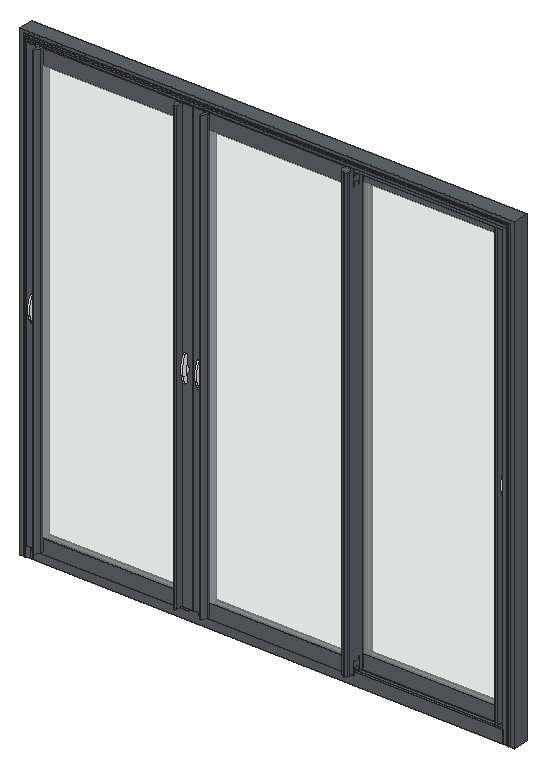
Revit family "Wicslide_65_Glass24_3_leaf_2_track_dependent", category Doors, host Wall, Revit 2014
Parameters
  Youtube clip = ""
  Weight Net (Kg) = 0
  Watertightness = "E900"
  Uniclass2 = "Ss-25-30-95-28"
  Uniclass 2015 Name = ""
  Uniclass 2015 Code = ""
  Uniclass 2.0 Description = ""
  Uniclass 2.0 Code = ""
  Uniclass 1.4 Description = ""
  Uniclass 1.4 Code = ""
  URL = "http://www.wicona.com"
  UNSPSC Code = ""
  Technical description = ""
  Sash meeting 3041242 = yes
  Sash meeting 3041241 = no
  Sash meeting 3041240 = not(or(Sash meeting 3041241, Sash meeting 3041242))  # no
  Sash 1041263 = yes
  Thermal (2-leaf frame) = "Uw < 1.5 W/m².K (with Ug = 1.0)"
  Sash 1041262 = no
  Sash 1041261 = no
  Sash 1041260 = not(or(Sash 1041261, Sash 1041262, Sash 1041263))  # no
  Repeated Opening/Closing = "Class 3 (20,000 Cycles)"
  Region South America = "None"
  Region Oceania = "None"
  Region North America = "None"
  Region Middle East = "None"
  Region Europe = "AD, AL, AT, AX, BA, BE, BG, BY, CH, CS, CY, CZ, DE, DK, EE, ES, FI, FO, FR, GB, GG, GI, GR, HR, HU, IE, IM, IS, IT, JE, LI, LT, LU, LV, MC, MD, ME, MK, MT, NL, NO, PL, PT, RO, RS, RU, SE, SI, SJ, SK, SM, UA, VA, XK"
  Region Asia = "None"
  Region Antarctica = "None"
  Region Africa = "None"
  Quality Assurance = "Certified according to ISO 9001:2008"
  QR code = "http://bimobject.com/wicona/product/WICSLIDE_65_W"
  Product group = ""
  Product family = ""
  Product data url = "http://bimobject.com/wicona/product/WICSLIDE_65_W"
  Product certification = ""
  Product SKU = "WICSLIDE_65_W"
  Product Guid = "74bd8be9-202c-4542-9c4e-775a99e34c85"
  Operation = "IFC_DOORSLIDING\r\nIFC_DOORSLIDING"
  Operating Forces = "Class 1"
  OmniClass Description = ""
  OmniClass Code = ""
  Nominal width = 220000
  Nominal height = 210000
  NBS Reference Description = ""
  NBS Reference Code = ""
  Model = "Wicslide 65"
  Mechanical Strength = "Class 4"
  Maximum Sash Weight = "160kg as standard design, heavier weights can easily be customised"
  Material secondary = ""
  Material main = ""
  Manufacturer name = "Wicona"
  Manufacturer country = "Germany"
  Manufacturer = "Wicona"
  Load Bearing Capacity of Safety Devices = "Fulfilled"
  Leaf Width = 17 mm + Glass Width + 56 mm  # 680.667 mm
  Leaf Material = WICONA - Aluminium - RAL7016 - Anthracite Grey - Matt
  Leaf Height All = Height - Frame Width 2 - Bottom Offset  # 2000 mm
  Leaf Connect = 6.2 mm  # constant formula
  Leaf 3 Width = 56 mm * 2 + Glass Width  # 719.667 mm
  Leaf 2 Width = 17 mm + Glass Width + 56 mm  # 680.667 mm
  Keynote = "L10/330"
  Installation instructions = ""
  IFC Classification = ""
  Handle Material = Aluminium
  Glass Width = Frame all / 3  # 607.667 mm
  Glass Material = WICONA -  Glass
  Function = Interior
  Frame all = Width - ((56 mm * 4) + (17 mm * 2) + (Frame Width 2 * 2)) - 24 mm  # 1823 mm
  Frame Width 3 = Frame Width - 34.5 mm  # 32.5 mm
  Frame Width 2 = if(Frame 1041226, 47.5 mm, if(Frame 1041231, 54.5 mm, 54.5 mm))  # 47.5 mm
  Frame Width = 67 mm
  Height = 2100 mm
  Wall Closure = By host
  Width = 2200 mm
  Frame Material = WICONA - Aluminium - RAL7016 - Anthracite Grey - Matt
  Frame Depth = 65 mm
  Frame 1041226 = yes
  Frame 1041231 = not(or(Frame 1041226))  # no
  Edition number = 1
  EN1627 Burglar Resistance = "RC1N, RC2N, RC2, RC3, SBD"
  EAN code = ""
  Door Offset = 60 mm
  Door 1 connect = Leaf 3 Width + Frame Width 2 + 24 mm  # 791.167 mm
  Design country = "Germany"
  Description = "With  its  various  designs  of  outer  and  opening  frames, multiple  leaf  combinations  (from  2  to  6  leaves)  and  its  comprehensive range of dual colour solutions, the Wicslide 65 brings greater freedom to building design. Designed  to  meet  market  demands,  Wicslide  65  sliding doors are perfectly suited for disabled access."
  Date of publishing = "3/14/2015"
  Corrosion Resistance of the Fittings = "Class 5"
  COBIe Type Category = ""
  Bottom Offset = if(Frame Bottom 1041226, 52.5 mm, 45.5 mm)  # 52.5 mm
  Frame Bottom 1041232 = no
  Frame Bottom 1041226 = yes
  Frame Bottom 1041231 = not(or(Frame Bottom 1041232, Frame Bottom 1041226))  # no
  BIMobject category = ""
  Assembly Code = ""
  Analytic Construction = "<None>"
  Air Permeability = "Class 4"
  Acoustic = "RA,tr = 35 dB"
Reference planes
  plane 1: y = 0
  plane 2 "Center (Left/Right)": x = 0
  plane 3 "Left": x = -1100
  plane 4 "Right": x = 1100
  plane 5: z = 2100
  plane 6 "Exterior": y = 75
  plane 7 "Interior": y = -75
  plane 8 "base line": y = 15
  plane 9: y = -50
  plane 10: x = -1052.5
  plane 11: z = 2052.5
  plane 12: x = 1052.5
  plane 13: x = -308.833
  plane 14: y = 1081.9
  plane 15: x = -1047.5
  plane 16: x = 1047.5
  plane 17: y = -44
  plane 18: y = 9
  plane 19: z = 2051.035
  plane 20: x = 371.833
Forms (mm)
  Sweep 1, solid, material "WICONA - Aluminium - RAL7016 - Anthracite Grey - Matt" <- "Frame Material", visible <- "Frame 1041231"
    path origin (0, 15, 0) x (-1, 0, 0) y (0, 0, 1)
      loop
        line (1100, 0) -> (1100, 2100) -> (-1100, 2100) -> (-1100, 0)
    profile "Frame_1041231_profil : Frame_1041231_profil" origin (-1100, 15, 1050) x (1, 0, 0) y (0, 1, 0)
      loop
        line (0, 0.014) -> (0, -64.986) -> (47.501, -64.986) -> (47.501, -52.986) -> (28.03, -52.986) -> (28.03, -11.986) -> (47.501, -11.986) -> (47.501, 0.014) -> (0, 0.014)
  Sweep 2, solid, material "WICONA - Aluminium - RAL7016 - Anthracite Grey - Matt" <- "Frame Material", visible <- "Frame Bottom 1041231"
    path origin (0, 15, 0) x (-1, 0, 0) y (0, 0, 1)
      loop
        line (1047.5, 0) -> (-1047.5, 0)
    profile origin (0, 15, 0) x (0, 0, -1) y (0, 1, 0)
      loop
        line (0, 0) -> (-47.501, 0) -> (-47.501, -11.986) -> (-28.03, -11.986) -> (-28.03, -52.986) -> (-47.501, -52.986) -> (-47.501, -65) -> (0, -65) -> (0, 0)
  Sweep 3, solid, material "WICONA - Aluminium - RAL7016 - Anthracite Grey - Matt" <- "Frame Material", visible <- "Frame Bottom 1041226"
    path origin (0, 15, 0) x (-1, 0, 0) y (0, 0, 1)
      loop
        line (1047.5, 0) -> (-1047.5, 0)
    profile origin (0, 15, 0) x (0, 0, -1) y (0, 1, 0)
      loop
        line (-41.095, 0) -> (-54.504, 0) -> (-54.504, -11.986) -> (-35.067, -11.986) -> (-35.067, -52.986) -> (-54.504, -52.986) -> (-54.504, -65) -> (0, -65) -> (0, 0) -> (-16, 0) -> (-16, -5.069) -> (-17.931, -7) -> (-22.706, -7) -> (-22.706, 2) -> (-28.468, 2) -> (-41.095, 0)
  Sweep 4, solid, material "WICONA - Aluminium - RAL7016 - Anthracite Grey - Matt" <- "Frame Material", visible <- "Frame Bottom 1041232"
    path origin (0, 15, 0) x (-1, 0, 0) y (0, 0, 1)
      loop
        line (1047.5, 0) -> (-1047.5, 0)
    profile origin (0, 15, 0) x (0, 0, -1) y (0, 1, 0)
      loop
        line (0, 0) -> (-47.552, 0) -> (-47.552, -12) -> (-28.081, -12) -> (-28.081, -52.986) -> (-47.552, -52.986) -> (-47.552, -65) -> (-18.5, -65) -> (-18.5, -78.723)
        arc (-18.5, -78.723) -> (-25.363, -83.221) -> (-33.01, -86.2) r 39.389
        line (-33.01, -86.2) -> (-46.2, -86.2) -> (-46.2, -84.996) -> (-47.552, -84.996) -> (-47.552, -88) -> (-32.284, -88)
        arc (-32.284, -88) -> (-23.829, -84.402) -> (-16.3, -79.134) r 44.207
        line (-16.3, -79.134) -> (-16.3, -65) -> (0, -65) -> (0, 0)
  Sweep 5, solid, material "WICONA - Aluminium - RAL7016 - Anthracite Grey - Matt" <- "Frame Material", visible <- "Frame 1041226"
    path origin (0, 15, 0) x (-1, 0, 0) y (0, 0, 1)
      loop
        line (1100, 0) -> (1100, 2100) -> (-1100, 2100) -> (-1100, 0)
    profile origin (-1100, 15, 1050) x (1, 0, 0) y (0, 1, 0)
      loop
        line (54.5, -65) -> (54.5, -53) -> (35.067, -53) -> (35.067, -12) -> (54.5, -12) -> (54.5, 0) -> (0, 0) -> (0, -65) -> (16, -65) -> (16, -59.931) -> (17.931, -58) -> (22.706, -58) -> (22.706, -67) -> (28.468, -67) -> (41.095, -65) -> (54.5, -65)
Lines and regions (mm)
  Opening 1
    outline origin (-3050, -75, 0) x (1, 0, 0) y (0, 0, 1)
      loop
        line (1950, 0) -> (4150, 0) -> (4150, 2100) -> (1950, 2100) -> (1950, 0)
  model lines
    curve 1: line (0, -47.728, -46.926) -> (0, -47.728, -43.389)
  symbolic lines, style "Elevation Swing"
    curve 2: line (527.734, -75, 1199.099) -> (807.734, -75, 1199.099)
    curve 3: line (527.734, -75, 1199.099) -> (587.838, -75, 1259.203)
    curve 4: line (527.734, -75, 1199.099) -> (587.838, -75, 1138.995)
    curve 14: line (-526.861, -75, 1192.348) -> (-806.861, -75, 1192.348)
    curve 15: line (-526.861, -75, 1192.348) -> (-586.965, -75, 1252.452)
    curve 16: line (-526.861, -75, 1192.348) -> (-586.965, -75, 1132.243)
  symbolic lines, style "Plan Swing", detail levels coarse
    curve 5: line (-1052.5, -75, 0) -> (-1100, -75, 0)
    curve 6: line (1052.5, 75, 0) -> (1052.5, -75, 0)
    curve 7: line (-1052.5, 75, 0) -> (-1052.5, -75, 0)
    curve 8: line (-1052.5, 75, 0) -> (-1100, 75, 0)
    curve 9: line (1100, 75, 0) -> (1052.5, 75, 0)
    curve 10: line (1100, -75, 0) -> (1052.5, -75, 0)
  symbolic lines, style "Elevation Swing", not visible
    curve 11: line (213.788, -75, 1205.851) -> (493.788, -75, 1205.851)
    curve 12: line (213.788, -75, 1205.851) -> (273.892, -75, 1265.955)
    curve 13: line (213.788, -75, 1205.851) -> (273.892, -75, 1145.747)
Text (mm)
  text "Exterior" at (-2295.016, 1099.543, 0), in view "Ref. Level"
  text "Exterior" at (0, 1615.38, 3698.081), in view "Left"
  text "Exterior" at (0, 1036.032, 3874.932), in view "Right"
Dimensions and locks
  equal spacing: plane 3 "Left", plane 2 "Center (Left/Right)", plane 4 "Right"
  "Width": plane 3 "Left" to plane 4 "Right"
  "Height": plane 5 to host wall
  host wall to plane 5 = 2100 mm  (x2)
  locked: plane 6 "Exterior" to host wall at 0
  locked: plane 7 "Interior" to host wall
  "Door Offset": host wall to plane 8 "base line"
  "Frame Depth": plane 8 "base line" to plane 9
  "Frame Width 2": plane 3 "Left" to plane 10
  "Frame Width 2": plane 11 to plane 5
  "Frame Width 2": plane 12 to plane 4 "Right"
  "Bottom Offset": plane 3 "Left" to plane 15
  "Bottom Offset": plane 16 to plane 4 "Right"
  locked: plane 8 "base line" to plane 18 at 6
  locked: plane 9 to plane 17 at 6
  locked: plane 11 to plane 19 at 1.465
  "Door 1 connect": plane 3 "Left" to plane 13
  "Leaf Width": plane 20 to plane 12
  aligned and locked: plane 3 "Left" to Opening 1 sketch curve
  aligned and locked: plane 5 to Opening 1 sketch curve  (x2)
  aligned and locked: Opening 1 sketch curve to plane 4 "Right"
  aligned and locked: Opening 1 sketch curve to level
  aligned and locked: plane 1 to host wall
  aligned and locked: Sweep 1 sketch curve to plane 3 "Left"
  aligned and locked: plane 5 to Sweep 1 sketch curve
  aligned and locked: plane 4 "Right" to Sweep 1 sketch curve
  aligned and locked: nested 1 to plane 8 "base line"
  aligned and locked: nested 1 to plane 3 "Left"
  aligned and locked: nested 2 to plane 4 "Right"
  aligned and locked: plane 8 "base line" to nested 2
  aligned and locked: plane 9 to nested 3
  aligned and locked: level to nested 3
  aligned and locked: nested 4 to level
  aligned and locked: nested 4 to plane 9
  aligned and locked: level to nested 5
  aligned and locked: plane 9 to nested 5
  aligned and locked: plane 16 to Sweep 3 sketch curve
  aligned and locked: plane 15 to Sweep 3 sketch curve
  aligned and locked: plane 15 to Sweep 4 sketch curve
  aligned and locked: plane 16 to Sweep 4 sketch curve
  aligned and locked: plane 15 to Sweep 2 sketch curve
  aligned and locked: plane 16 to Sweep 2 sketch curve
  aligned and locked: plane 5 to nested 6
  aligned and locked: nested 7 to plane 4 "Right"
  aligned and locked: plane 8 "base line" to nested 7
  aligned and locked: nested 8 to plane 8 "base line"
  aligned and locked: nested 8 to plane 3 "Left"
  aligned and locked: plane 5 to nested 9
  aligned and locked: plane 9 to nested 9
  aligned and locked: plane 19 to nested 10
  aligned and locked: plane 7 "Interior" to curve 7
  aligned and locked: plane 6 "Exterior" to curve 7
  aligned and locked: curve 7 to plane 10
  aligned and locked: plane 3 "Left" to curve 8
  aligned and locked: plane 10 to curve 8
  aligned and locked: curve 8 to plane 6 "Exterior"
  aligned and locked: plane 3 "Left" to curve 5
  aligned and locked: curve 5 to plane 7 "Interior"
  aligned and locked: plane 7 "Interior" to curve 6
  aligned and locked: plane 6 "Exterior" to curve 6
  aligned and locked: curve 6 to plane 12
  aligned and locked: plane 4 "Right" to curve 10
  aligned and locked: plane 12 to curve 10
  aligned and locked: curve 10 to plane 7 "Interior"
  aligned and locked: plane 4 "Right" to curve 9
  aligned and locked: curve 9 to plane 6 "Exterior"
  aligned and locked: plane 10 to nested 11
  aligned and locked: nested 11 to plane 18
  aligned and locked: nested 12 to plane 17
  aligned and locked: plane 12 to nested 12
  aligned and locked: plane 17 to nested 10
  aligned and locked: plane 10 to nested 13
  aligned and locked: plane 17 to nested 13
  aligned and locked: plane 13 to nested 10
  aligned and locked: plane 12 to nested 14
  aligned and locked: plane 18 to nested 14
  aligned and locked: plane 19 to nested 13
  aligned and locked: nested 14 to plane 19
  aligned and locked: nested 6 to plane 9
  aligned and locked: plane 10 to nested 15
  aligned and locked: plane 13 to nested 15
  aligned and locked: nested 13 to nested 15
  aligned and locked: plane 13 to nested 16
  aligned and locked: plane 20 to nested 16
  aligned and locked: nested 10 to nested 16
  aligned and locked: plane 20 to nested 17
  aligned and locked: plane 12 to nested 17
  aligned and locked: nested 17 to plane 18
Automatic sketch dimensions
  Sweep 1 sketch curve to level = 0 mm  (x2)
  Sweep 3 sketch curve to level = 0 mm
  plane 9 to curve 1 = 2.272 mm
  curve 1 to level = 46.926 mm
  curve 1 to curve 1 = 3.537 mm
  Sweep 2 sketch curve to level = 0 mm
  Sweep 4 sketch curve to level = 0 mm
  plane 4 "Right" to Sweep 5 sketch curve = 0 mm
  plane 3 "Left" to Sweep 5 sketch curve = 0 mm
  Sweep 5 sketch curve to level = 0 mm  (x2)
  Sweep 5 sketch curve to plane 5 = 0 mm
  Sweep 3 sketch curve to plane 8 "base line" = 0 mm  (x2)
  Sweep 3 sketch curve to profile plane = 0 mm
  Sweep 3 sketch curve to plane 8 "base line" = 5.069 mm
  profile plane to Sweep 3 sketch curve = 16 mm
  Sweep 3 sketch curve to plane 8 "base line" = 7 mm
  Sweep 3 sketch curve to Sweep 3 sketch curve = 1.931 mm
  plane 8 "base line" to Sweep 3 sketch curve = 2 mm
  Sweep 3 sketch curve to Sweep 3 sketch curve = 6.706 mm
  Sweep 3 sketch curve to Sweep 3 sketch curve = 5.762 mm
  Sweep 3 sketch curve to Sweep 3 sketch curve = 12.361 mm
  Sweep 3 sketch curve to Sweep 3 sketch curve = 12.628 mm
  Sweep 3 sketch curve to Sweep 3 sketch curve = 19.437 mm
  Sweep 3 sketch curve to Sweep 3 sketch curve = 13.408 mm
  Sweep 3 sketch curve to plane 8 "base line" = 11.986 mm
  Sweep 3 sketch curve to Sweep 3 sketch curve = 41 mm
  Sweep 3 sketch curve to Sweep 3 sketch curve = 12.014 mm
  Sweep 2 sketch curve to plane 8 "base line" = 0 mm
  profile plane to Sweep 2 sketch curve = 47.501 mm
  Sweep 2 sketch curve to Sweep 2 sketch curve = 0 mm
  Sweep 2 sketch curve to Sweep 2 sketch curve = 19.471 mm
  Sweep 2 sketch curve to profile plane = 0 mm
  Sweep 2 sketch curve to plane 8 "base line" = 11.986 mm
  Sweep 2 sketch curve to Sweep 2 sketch curve = 41 mm
  Sweep 2 sketch curve to Sweep 2 sketch curve = 12.014 mm
  Sweep 5 sketch curve to plane 8 "base line" = 0 mm
  Sweep 5 sketch curve to profile plane = 0 mm
  Sweep 5 sketch curve to profile plane = 16 mm
  Sweep 5 sketch curve to Sweep 5 sketch curve = 1.931 mm  (x2)
  Sweep 5 sketch curve to Sweep 5 sketch curve = 6.706 mm
  Sweep 5 sketch curve to Sweep 5 sketch curve = 5.762 mm
  Sweep 5 sketch curve to plane 8 "base line" = 12 mm
  Sweep 5 sketch curve to profile plane = 35.067 mm
  Sweep 5 sketch curve to Sweep 5 sketch curve = 19.433 mm  (x2)
  Sweep 5 sketch curve to Sweep 5 sketch curve = 41 mm
  Sweep 5 sketch curve to Sweep 5 sketch curve = 5 mm
  Sweep 5 sketch curve to Sweep 5 sketch curve = 5.069 mm
  Sweep 5 sketch curve to Sweep 5 sketch curve = 2 mm
  Sweep 5 sketch curve to Sweep 5 sketch curve = 12.628 mm
  Sweep 5 sketch curve to Sweep 5 sketch curve = 12 mm
  Sweep 4 sketch curve to plane 8 "base line" = 0 mm
  Sweep 4 sketch curve to profile plane = 0 mm
  profile plane to Sweep 4 sketch curve = 16.3 mm
  Sweep 4 sketch curve to Sweep 4 sketch curve = 2.2 mm
  Sweep 4 sketch curve to plane 8 "base line" = 12 mm
  Sweep 4 sketch curve to Sweep 4 sketch curve = 13.784 mm
  Sweep 4 sketch curve to Sweep 4 sketch curve = 15.325 mm
  Sweep 4 sketch curve to Sweep 4 sketch curve = 1.866 mm
  Sweep 4 sketch curve to Sweep 4 sketch curve = 13.916 mm
  Sweep 4 sketch curve to Sweep 4 sketch curve = 4.146 mm
  Sweep 4 sketch curve to Sweep 4 sketch curve = 1.352 mm
  Sweep 4 sketch curve to Sweep 4 sketch curve = 19.471 mm
  Sweep 4 sketch curve to Sweep 4 sketch curve = 33.744 mm
  Sweep 4 sketch curve to Sweep 4 sketch curve = 2.464 mm
  Sweep 4 sketch curve to Sweep 4 sketch curve = 4.778 mm
  Sweep 4 sketch curve to Sweep 4 sketch curve = 12.014 mm  (x2)
  Sweep 4 sketch curve to Sweep 4 sketch curve = 14.134 mm
  Sweep 4 sketch curve to Sweep 4 sketch curve = 3.004 mm
  Sweep 4 sketch curve to Sweep 4 sketch curve = 1.204 mm
  Sweep 4 sketch curve to Sweep 4 sketch curve = 0.726 mm
  Sweep 4 sketch curve to Sweep 4 sketch curve = 0.411 mm
Nested families
  nested 1: "Frame_1041231" at (-1100, 15, 0), visible <- "Frame 1041231", type "Frame_1041231"
  nested 2: "Frame_1041231" at (1100, 15, 0) x (-1, 0, 0) z (0, 0, 1), visible <- "Frame 1041231", type "Frame_1041231"
  nested 3: "Frame_1041226" at (0, -50, 0) x (0, 0, 1) z (1, 0, 0), type "Frame_1041226"
  nested 4: "Frame_Bottom_1041232" at (0, 15, 0) x (0, 0, 1) z (1, 0, 0), visible <- "Frame Bottom 1041232", built-in parameter 1006206 <- "Frame Bottom 1041232", type "Frame_Bottom_1041232"
  nested 5: "Frame_1041231" at (0, -50, 0) x (0, 0, 1) z (1, 0, 0), visible <- "Frame Bottom 1041231", type "Frame_1041231"
  nested 6: "Frame_1041231" at (0, 15, 2100) x (0, 0, -1) z (1, 0, 0), type "Frame_1041231"
  nested 7: "Frame_1041226" at (1100, 15, 0) x (-1, 0, 0) z (0, 0, 1), visible <- "Frame 1041226", type "Frame_1041226"
  nested 8: "Frame_1041226" at (-1100, 15, 0), visible <- "Frame 1041226", type "Frame_1041226"
  nested 9: "Frame_1041226" at (0, 15, 2100) x (0, 0, -1) z (1, 0, 0), visible <- "Frame 1041226", type "Frame_1041226"
  nested 10: "Leaf_Wicslide_65_2_leaf_2_track_both_sliding_or_1_fixed_1slide" at (-308.833, -44, 51.035), type "Leaf_Wicslide_65_2_leaf_2_track_both_sliding_or_1_fixed_1slide"
    with Sash 1041263 yes, Sash 1041261 no, Profil Bottom 4 mm, Handle Distance 18 mm, Leaf Width 680.667 mm, Leaf Height 2000 mm
  nested 11: "Seal" at (-1052.5, 9, 0), type "Seal"
  nested 12: "Seal" at (1052.5, -44, 0) x (-1, 0, 0) z (0, 0, 1), type "Seal"
  nested 13: "Leaf_Wicslide_65_Wicslide_65_3_leaf_2_track_independent_2_handle" at (-1050.984, -44, 51.035), type "Leaf_Wicslide_65_Wicslide_65_3_leaf_2_track_independent_2_handle"
    with Sash meeting 3041242 yes, Sash meeting 3041241 no, Sash 1041263 yes, Sash 1041262 no, Handle Distance 18 mm, Leaf Width 719.667 mm, Leaf Height 2000 mm
  nested 14: "Leaf_Wicslide_65_2_leaf_2_track_both_sliding_or_1_fixed_1slide_right" at (1050.984, 9, 51.035) x (-1, 0, 0) z (0, 0, 1), type "Leaf_Wicslide_65_2_leaf_2_track_both_sliding_or_1_fixed_1slide_right"
    with Sash 1041263 yes, Sash 1041261 no, Handle Distance 18 mm, Leaf Width 680.667 mm, Leaf Height 2000 mm
  nested 15: "sliding door_coarse" at (-1052.5, -44, 0), type "52"
    with built-in parameter 1001306 2.4399 (stored number, unit not read)
  nested 16: "sliding door_coarse" at (-308.833, -44, 0), type "52"
    with built-in parameter 1001306 2.2332 (stored number, unit not read)
  nested 17: "sliding door_coarse" at (371.833, 9, 0), type "52"
    with built-in parameter 1001306 2.2332 (stored number, unit not read)
Definition of nested family "Leaf_Wicslide_65_2_leaf_2_track_both_sliding_or_1_fixed_1slide"
  Parameters (values of type "Leaf_Wicslide_65_2_leaf_2_track_both_sliding_or_1_fixed_1slide")
    Sash meeting 3041242 = yes
    Sash meeting 3041240 = no
    Sash meeting 3041241 = no
    Sash 1041263 = no
    Sash 1041260 = no
    Sash 1041261 = yes
    Sash 1041262 = no
    Profil Bottom = 2 mm
    Handle Distance = if(Sash 1041260, 18 mm, if(Sash 1041261, 41 mm, if(Sash 1041262, 38 mm, 18 mm)))  # 41 mm
    Leaf Width = 896 mm
    Leaf Material = Aluminium
    Leaf Height = 1922 mm
    Handle Material = Aluminium
    Handle Height = 850 mm  # constant formula
    Glass Width = 24 mm
    Glass Offset 2 = 7 mm  # constant formula
    Glass Offset = 46.1 mm  # constant formula
    Glass Material = WICONA -  Glass
    Glas Offset Bottom = 46.6 mm
    Frame Material = Aluminium
  Reference planes
    plane 1 "Center (Front/Back)": y = 0
    plane 2: z = 0
    plane 3 "Center (Left/Right)": x = 0
    plane 4: x = 896
    plane 5: z = 1922
    plane 6: x = 46.1
    plane 7: x = 889
    plane 8: z = 1875.4
    plane 9: z = 46.6
    plane 10: z = 896.6
    plane 11: x = 58.1
    plane 12: y = -12.117
    plane 13: y = 11.883
    plane 14: y = 7.334
    plane 15: y = 31.334
    plane 16: x = -3.312
    plane 17: x = 899.312
    plane 18: z = 46.6
    plane 19: y = -41
    plane 20: x = 20
    plane 21: z = 960.237
    plane 22: z = 1923.516
    plane 23: x = -1.516
    plane 24: y = -21.816
    plane 25: z = -5.306
    plane 26: z = 25
    plane 27: x = 914.975
    plane 28: z = 1932.5
    plane 29: z = 1902.5
    plane 30: z = 2
  Forms (mm)
    Sweep 1, solid, material "Aluminium" <- "Leaf Material", visible <- "Sash 1041260"
      path origin (-1.381, 0, 34.551) x (1, 0, 0) y (0, 0, 1)
        loop
          line (0, -32.551) -> (0, 1897.949)
      profile origin (-1.381, 0, 967.25) x (-1, 0, 0) y (0, -1, 0)
        loop
          line (-59.481, -18) -> (8.519, -18) -> (8.519, -12.517) -> (-13.431, -12.517) -> (-13.431, 12.671) -> (8.519, 12.671) -> (8.519, 18) -> (-59.395, 18) -> (-59.395, 12.117) -> (-47.481, 12.117) -> (-47.481, -11.883) -> (-59.481, -11.883) -> (-59.481, -18)
    Extrusion 2, solid, material "WICONA -  Glass" <- "Glass Material", detail levels medium+fine
      sketch origin (-214.248, -550.766, -473.088) x (1, 0, 0) y (0, 0, 1)
        loop
          line (260.348, 2348.488) -> (260.348, 519.688) -> (1103.248, 519.688) -> (1103.248, 2348.488) -> (260.348, 2348.488)
      from -562.649 to -538.649
    Sweep 3, solid, material "Aluminium" <- "Leaf Material"
      path origin (0, 0, 0) x (1, 0, 0) y (0, 0, 1)
        loop
          line (12.05, 0) -> (914.975, 0)
      profile origin (463.512, 0, 0) x (0, 0, 1) y (0, -1, 0)
        loop
          line (-5.306, -16.029) -> (58.694, -16.029) -> (58.694, -11.883) -> (46.634, -11.883) -> (46.634, 12.117) -> (58.694, 12.117) -> (58.694, 16.171) -> (-5.306, 16.171) -> (-5.306, 12.671) -> (25, 12.671) -> (25, -12.517) -> (-5.306, -12.517) -> (-5.306, -16.029)
    Sweep 4, solid, material "Aluminium" <- "Leaf Material", visible <- "Sash meeting 3041240"
      path origin (0, 0, 0) x (1, 0, 0) y (0, 0, 1)
        loop
          line (896, 1932.5) -> (896, 2)
      profile origin (896, 0, 967.25) x (0, -1, 0) y (1, 0, 0)
        loop
          line (-18, -19.026) -> (-11.883, -19.026) -> (-11.883, -7.023) -> (12.117, -7.023) -> (12.117, -19.026) -> (18, -19.026) -> (18, 18.975) -> (-27.453, 18.975) -> (-27.453, 0) -> (-18, 0) -> (-18, -19.026)
    Sweep 5, solid, material "Aluminium" <- "Leaf Material", visible <- "Sash 1041263"
      path origin (0, 0, 0) x (1, 0, 0) y (0, 0, 1)
        loop
          line (0, 2) -> (0, 1932.5)
      profile origin (0, 0, 967.25) x (-1, 0, 0) y (0, -1, 0)
        loop
          line (9.9, -18) -> (9.9, -12.517) -> (-12.05, -12.517) -> (-12.05, 12.671) -> (9.9, 12.671) -> (9.9, 18) -> (-41.1, 18) -> (-41.1, 43) -> (-42.787, 50.915) -> (-43.872, 52) -> (-47.182, 52)
          arc (-47.182, 52) -> (-54.565, 40.341) -> (-58.1, 27) r 45.352
          line (-58.1, 27) -> (-58.1, -18) -> (9.9, -18)
    Sweep 6, solid, material "Aluminium" <- "Leaf Material", visible <- "Sash 1041262"
      path origin (0, 0, 0) x (1, 0, 0) y (0, 0, 1)
        loop
          line (0, 2) -> (0, 1932.5)
      profile origin (0, 0, 967.25) x (-1, 0, 0) y (0, -1, 0)
        loop
          line (-58.1, -18) -> (9.9, -18) -> (9.9, -12.517) -> (-12.05, -12.517) -> (-12.05, 12.671) -> (9.9, 12.671) -> (9.9, 18) -> (-6.1, 18) -> (-6.1, 38) -> (-58.1, 38) -> (-58.1, 12.117) -> (-46.1, 12.117) -> (-46.1, -11.883) -> (-58.1, -11.883) -> (-58.1, -18)
    Sweep 7, solid, material "Aluminium" <- "Leaf Material", visible <- "Sash 1041261"
      path origin (0, 0, 0) x (1, 0, 0) y (0, 0, 1)
        loop
          line (0, 2) -> (0, 1932.5)
      profile origin (0, 0, 967.25) x (-1, 0, 0) y (0, -1, 0)
        loop
          line (9.9, -18) -> (9.9, -12.517) -> (-12.05, -12.517) -> (-12.05, 12.671) -> (9.9, 12.671) -> (9.9, 41) -> (-58.1, 41) -> (-58.1, 12.117) -> (-46.136, 12.117) -> (-46.136, -11.883) -> (-58.1, -11.883) -> (-58.1, -18) -> (9.9, -18)
    Sweep 8, solid, material "Aluminium" <- "Leaf Material", visible <- "Sash meeting 3041242"
      path origin (0, 0, 0) x (1, 0, 0) y (0, 0, 1)
        loop
          line (896, 2) -> (896, 1932.5)
      profile origin (896, 0, 967.25) x (-1, 0, 0) y (0, -1, 0)
        loop
          line (19.026, -18) -> (19.026, -11.883) -> (7, -11.883) -> (7, 12.117) -> (19.026, 12.117) -> (19.026, 26.74)
          arc (19.026, 26.74) -> (9.037, 45.04) -> (-7.45, 57.8) r 50.906
          line (-7.45, 57.8) -> (-13.135, 57.8) -> (-14.994, 56.798) -> (-17.979, 45.657) -> (-18.975, 37.547) -> (-18.975, -27.453) -> (0, -27.453) -> (0, -18) -> (19.026, -18)
    Sweep 9, solid, material "Aluminium" <- "Leaf Material", visible <- "Sash meeting 3041241"
      path origin (0, 0, 0) x (1, 0, 0) y (0, 0, 1)
        loop
          line (896, 2) -> (896, 1932.5)
      profile origin (896, 0, 967.25) x (-1, 0, 0) y (0, -1, 0)
        loop
          line (0, -18) -> (19.026, -18) -> (19.026, -11.883) -> (7.023, -11.883) -> (7.023, 12.117) -> (19.026, 12.117) -> (19.026, 52.8) -> (-18.975, 52.8) -> (-18.975, -27.453) -> (0, -27.453) -> (0, -18)
    Sweep 10, solid, material "Aluminium" <- "Leaf Material"
      path origin (0, 0, 0) x (1, 0, 0) y (0, 0, 1)
        loop
          line (12.05, 1922) -> (914.975, 1922)
      profile origin (463.512, 0, 1922) x (0, 0, 1) y (0, -1, 0)
        loop
          line (10.5, 16.029) -> (-57.541, 16.029) -> (-57.541, 12.037) -> (-41.44, 12.037) -> (-41.44, -11.963) -> (-57.541, -11.963) -> (-57.541, -16.171) -> (10.5, -16.171) -> (10.5, -12.671) -> (-19.5, -12.671) -> (-19.5, 12.529) -> (10.5, 12.529) -> (10.5, 16.029)
    Extrusion 11, void
      sketch origin (0, 0, 0) x (1, 0, 0) y (0, 1, 0)
        loop
          line (889, 11.883) -> (889, -12.117) -> (925.276, -12.117) -> (925.276, 11.883) -> (889, 11.883)
      from -5.306 to 25
    Extrusion 12, void
      sketch origin (2, 0, 1844.745) x (1, 0, 0) y (0, 1, 0)
        loop
          line (887, 11.883) -> (887, -12.117) -> (925.276, -12.117) -> (925.276, 11.883) -> (887, 11.883)
      from 57.755 to 87.755
  Cuts and joins
    Extrusion 11 cuts Extrusion 2
    Extrusion 11, Extrusion 12 cuts Sweep 3
    Extrusion 11, Extrusion 12 cuts Sweep 4
    Extrusion 11, Extrusion 12 cuts Sweep 8
    Extrusion 11, Extrusion 12 cuts Sweep 9
  Lines and regions (mm)
    symbolic lines, style "GenericModel", detail levels medium+fine
      curve 1: line (62.7, 0, 0) -> (874, 0, 0)
      curve 2: line (0, 11.883, 1875.4) -> (0, 11.883, 46.6)
      curve 3: line (0, -12.117, 1875.4) -> (0, -12.117, 46.6)
      curve 4: line (0, 0, 1875.4) -> (0, 0, 46.6)
      curve 5: line (46.1, 0, 0) -> (889, 0, 0)
  Dimensions and locks
    "Leaf Width": plane 3 "Center (Left/Right)" to plane 4
    "Leaf Height": plane 5 to level
    "Glass Offset": plane 3 "Center (Left/Right)" to plane 6
    "Glass Offset 2": plane 7 to plane 4
    "Glas Offset Bottom": plane 5 to plane 8
    level to plane 10 = 896.6 mm
    "Glass Width": plane 15 to plane 14
    "Handle Height": plane 10 to plane 9
    "Glas Offset Bottom": plane 9 to level
    locked: plane 3 "Center (Left/Right)" to plane 16 at 3.312
    locked: plane 17 to plane 4 at 3.312
    locked: plane 3 "Center (Left/Right)" to plane 20 at 20
    "Handle Distance": plane 19 to plane 1 "Center (Front/Back)"
    plane 21 to level = 960.237 mm
    plane 24 to plane 1 "Center (Front/Back)" = 21.816 mm
    plane 26 to level to plane 25 = 25 mm locked, 5.306 mm locked
    locked: plane 4 to plane 27 at 18.975
    plane 28 to plane 5 to plane 29 = 10.5 mm locked, 19.5 mm locked
    "Profil Bottom": plane 30 to level
    aligned and locked: level to plane 2
    aligned and locked: plane 6 to nested 1
    aligned and locked: plane 7 to nested 1
    aligned and locked: plane 12 to nested 1
    aligned and locked: nested 2 to plane 8
    aligned and locked: nested 2 to plane 9
    aligned and locked: plane 12 to nested 2
    aligned and locked: plane 6 to curve 5
    aligned and locked: plane 7 to curve 5
    aligned and locked: plane 9 to plane 18
    aligned and locked: plane 4 to nested 4
    aligned and locked: nested 4 to plane 1 "Center (Front/Back)"
    aligned and locked: nested 3 to plane 3 "Center (Left/Right)"
    aligned and locked: nested 3 to plane 1 "Center (Front/Back)"
    aligned and locked: nested 5 to level
    aligned and locked: nested 5 to plane 1 "Center (Front/Back)"
    aligned and locked: nested 6 to plane 1 "Center (Front/Back)"
    aligned and locked: nested 6 to plane 3 "Center (Left/Right)"
    aligned and locked: nested 7 to plane 1 "Center (Front/Back)"
    aligned and locked: nested 7 to plane 3 "Center (Left/Right)"
    aligned and locked: nested 8 to plane 1 "Center (Front/Back)"
    aligned and locked: nested 8 to plane 3 "Center (Left/Right)"
    aligned and locked: plane 4 to nested 9
    aligned and locked: plane 4 to nested 10
    aligned and locked: nested 9 to plane 1 "Center (Front/Back)"
    aligned and locked: nested 10 to plane 1 "Center (Front/Back)"
    aligned and locked: Extrusion 2 to plane 6
    aligned and locked: plane 7 to Extrusion 2
    aligned and locked: plane 8 to Extrusion 2
    aligned and locked: Extrusion 2 to plane 9
    aligned and locked: Extrusion 2 to plane 13
    aligned and locked: plane 12 to Extrusion 2
    aligned and locked: Sweep 4 to Sweep 3 sketch curve
    aligned and locked: nested 11 to plane 1 "Center (Front/Back)"
    aligned and locked: nested 8 to nested 11
    aligned and locked: plane 19 to nested 12
    aligned and locked: nested 12 to plane 20
    aligned and locked: plane 21 to nested 12
    aligned and locked: plane 5 to nested 13
    aligned and locked: plane 1 "Center (Front/Back)" to nested 13
    aligned and locked: Sweep 10 to Sweep 4 sketch curve
    aligned and locked: Sweep 10 to Sweep 9 sketch curve
    aligned and locked: Sweep 10 to Sweep 8 sketch curve
    aligned and locked: Sweep 10 to Sweep 7 sketch curve
    aligned and locked: Sweep 10 to Sweep 6 sketch curve
    aligned and locked: Sweep 10 to Sweep 5 sketch curve
    aligned and locked: Sweep 10 to Sweep 1 sketch curve
    aligned and locked: Sweep 7 to Sweep 3 sketch curve
    aligned and locked: nested 14 to plane 19
    aligned and locked: nested 14 to plane 20
    aligned and locked: plane 26 to cut or joined group of Sweep 9, Extrusion 11, Extrusion 12
    aligned and locked: cut or joined group of Sweep 9, Extrusion 11, Extrusion 12 to plane 25
    aligned and locked: cut or joined group of Sweep 9, Extrusion 11, Extrusion 12 to plane 7  (x2)
    aligned and locked: plane 28 to cut or joined group of Sweep 9, Extrusion 11, Extrusion 12
    aligned and locked: cut or joined group of Sweep 9, Extrusion 11, Extrusion 12 to plane 29
    aligned and locked: plane 30 to Sweep 9 sketch curve
    aligned and locked: plane 30 to Sweep 4 sketch curve
    aligned and locked: plane 30 to Sweep 7 sketch curve
    aligned and locked: plane 30 to Sweep 6 sketch curve
    aligned and locked: plane 30 to Sweep 5 sketch curve
    aligned and locked: plane 30 to Sweep 1 sketch curve
    aligned and locked: plane 30 to Sweep 8 sketch curve
  Automatic sketch dimensions
    curve 3 to plane 8 = 0 mm
    curve 3 to plane 12 = 0 mm
    curve 4 to plane 1 "Center (Front/Back)" = 0 mm
    curve 2 to plane 9 = 0 mm
    curve 2 to plane 13 = 0 mm
    curve 3 to plane 9 = 0 mm
    curve 4 to plane 9 = 0 mm
    curve 4 to plane 8 = 0 mm
    curve 2 to plane 8 = 0 mm
    plane 1 "Center (Front/Back)" to curve 1 = 0 mm
    plane 1 "Center (Front/Back)" to curve 5 = 0 mm
    curve 1 to plane 11 = 4.6 mm
    curve 1 to plane 7 = 15 mm
    Sweep 1 sketch curve to profile plane = 18 mm
    profile plane to Sweep 1 sketch curve = 59.481 mm
    Sweep 1 sketch curve to Sweep 1 sketch curve = 0.086 mm
    Sweep 1 sketch curve to Sweep 1 sketch curve = 11.914 mm
    profile plane to Sweep 1 sketch curve = 13.431 mm
    Sweep 1 sketch curve to profile plane = 8.519 mm  (x2)
    Sweep 1 sketch curve to Sweep 1 sketch curve = 5.483 mm
    Sweep 1 sketch curve to profile plane = 11.883 mm
    profile plane to Sweep 1 sketch curve = 12.117 mm
    profile plane to Sweep 1 sketch curve = 12.671 mm
    Sweep 1 sketch curve to Sweep 1 sketch curve = 5.329 mm
    Extrusion 2 sketch curve to plane 6 = 0 mm
    Extrusion 2 sketch curve to plane 7 = 0 mm
    Extrusion 2 sketch curve to plane 9 = 0 mm
    Extrusion 2 sketch curve to plane 8 = 0 mm
    Sweep 3 sketch curve to level = 0 mm
    profile plane to Sweep 3 sketch curve = 5.306 mm  (x2)
    Sweep 3 sketch curve to plane 18 = 21.6 mm
    plane 18 to Sweep 3 sketch curve = 0.034 mm
    plane 18 to Sweep 3 sketch curve = 12.094 mm
    Sweep 3 sketch curve to Sweep 3 sketch curve = 12.06 mm
    Sweep 3 sketch curve to plane 1 "Center (Front/Back)" = 16.029 mm
    Sweep 3 sketch curve to Sweep 3 sketch curve = 3.512 mm
    Sweep 3 sketch curve to plane 1 "Center (Front/Back)" = 11.883 mm
    plane 1 "Center (Front/Back)" to Sweep 3 sketch curve = 12.117 mm
    plane 1 "Center (Front/Back)" to Sweep 3 sketch curve = 12.671 mm
    Sweep 3 sketch curve to Sweep 3 sketch curve = 4.054 mm
    Sweep 4 sketch curve to profile plane = 0 mm
    Sweep 4 sketch curve to plane 1 "Center (Front/Back)" = 27.453 mm
    Sweep 4 sketch curve to plane 1 "Center (Front/Back)" = 18 mm
    Sweep 4 sketch curve to Sweep 4 sketch curve = 6.117 mm
    plane 1 "Center (Front/Back)" to Sweep 4 sketch curve = 12.117 mm
    Sweep 4 sketch curve to Sweep 4 sketch curve = 5.883 mm
    profile plane to Sweep 4 sketch curve = 7.023 mm
    Sweep 4 sketch curve to Sweep 4 sketch curve = 12.003 mm  (x2)
    Sweep 4 sketch curve to profile plane = 18.975 mm
    Sweep 5 sketch curve to plane 3 "Center (Left/Right)" = 0 mm
    Sweep 5 sketch curve to plane 1 "Center (Front/Back)" = 18 mm
    profile plane to Sweep 5 sketch curve = 58.1 mm
    Sweep 5 sketch curve to Sweep 5 sketch curve = 10.918 mm
    Sweep 5 sketch curve to Sweep 5 sketch curve = 3.31 mm
    Sweep 5 sketch curve to Sweep 5 sketch curve = 1.085 mm  (x2)
    Sweep 5 sketch curve to Sweep 5 sketch curve = 1.687 mm
    profile plane to Sweep 5 sketch curve = 13.004 mm
    Sweep 5 sketch curve to Sweep 5 sketch curve = 0.954 mm
    Sweep 5 sketch curve to profile plane = 9.9 mm  (x2)
    Sweep 5 sketch curve to plane 1 "Center (Front/Back)" = 12.517 mm
    plane 1 "Center (Front/Back)" to Sweep 5 sketch curve = 12.671 mm
    Sweep 5 sketch curve to Sweep 5 sketch curve = 5.329 mm
    Sweep 5 sketch curve to Sweep 5 sketch curve = 9.518 mm
    Sweep 5 sketch curve to Sweep 5 sketch curve = 9 mm  (x2)
    Sweep 6 sketch curve to plane 3 "Center (Left/Right)" = 0 mm
    Sweep 6 sketch curve to plane 1 "Center (Front/Back)" = 18 mm
    profile plane to Sweep 6 sketch curve = 58.1 mm
    Sweep 6 sketch curve to Sweep 6 sketch curve = 0 mm
    Sweep 6 sketch curve to Sweep 6 sketch curve = 12 mm
    profile plane to Sweep 6 sketch curve = 12.05 mm
    profile plane to Sweep 6 sketch curve = 6.1 mm
    Sweep 6 sketch curve to profile plane = 9.9 mm  (x2)
    Sweep 6 sketch curve to Sweep 6 sketch curve = 5.483 mm
    Sweep 6 sketch curve to Sweep 6 sketch curve = 6.117 mm
    plane 1 "Center (Front/Back)" to Sweep 6 sketch curve = 12.117 mm
    plane 1 "Center (Front/Back)" to Sweep 6 sketch curve = 12.671 mm
    Sweep 6 sketch curve to Sweep 6 sketch curve = 5.329 mm
    Sweep 6 sketch curve to Sweep 6 sketch curve = 20 mm
    Sweep 7 sketch curve to plane 3 "Center (Left/Right)" = 0 mm
    profile plane to Sweep 7 sketch curve = 58.1 mm
    Sweep 7 sketch curve to Sweep 7 sketch curve = 0 mm
    Sweep 7 sketch curve to Sweep 7 sketch curve = 11.964 mm
    profile plane to Sweep 7 sketch curve = 12.05 mm
    Sweep 7 sketch curve to profile plane = 9.9 mm  (x2)
    Sweep 7 sketch curve to plane 1 "Center (Front/Back)" = 18 mm
    Sweep 7 sketch curve to Sweep 7 sketch curve = 5.483 mm
    Sweep 7 sketch curve to plane 1 "Center (Front/Back)" = 11.883 mm
    plane 1 "Center (Front/Back)" to Sweep 7 sketch curve = 12.117 mm
    plane 1 "Center (Front/Back)" to Sweep 7 sketch curve = 12.671 mm
    Sweep 7 sketch curve to Sweep 7 sketch curve = 28.329 mm
    Sweep 8 sketch curve to profile plane = 0 mm
    profile plane to Sweep 8 sketch curve = 7.45 mm
    Sweep 8 sketch curve to Sweep 8 sketch curve = 5.685 mm
    Sweep 8 sketch curve to Sweep 8 sketch curve = 1.859 mm
    Sweep 8 sketch curve to Sweep 8 sketch curve = 2.985 mm
    Sweep 8 sketch curve to Sweep 8 sketch curve = 0.996 mm
    plane 1 "Center (Front/Back)" to Sweep 8 sketch curve = 12.015 mm
    Sweep 8 sketch curve to Sweep 8 sketch curve = 10.729 mm
    Sweep 8 sketch curve to profile plane = 7 mm
    Sweep 8 sketch curve to Sweep 8 sketch curve = 12.026 mm  (x2)
    Sweep 8 sketch curve to plane 1 "Center (Front/Back)" = 11.883 mm
    Sweep 8 sketch curve to Sweep 8 sketch curve = 6.117 mm
    Sweep 8 sketch curve to Sweep 8 sketch curve = 9.453 mm
    plane 1 "Center (Front/Back)" to Sweep 8 sketch curve = 12.117 mm
    Sweep 8 sketch curve to Sweep 8 sketch curve = 14.623 mm
    Sweep 8 sketch curve to Sweep 8 sketch curve = 20.253 mm
    Sweep 8 sketch curve to Sweep 8 sketch curve = 8.11 mm
    Sweep 8 sketch curve to Sweep 8 sketch curve = 1.002 mm
    Sweep 9 sketch curve to profile plane = 0 mm
    profile plane to Sweep 9 sketch curve = 18.975 mm
    Sweep 9 sketch curve to profile plane = 7.023 mm
    Sweep 9 sketch curve to profile plane = 19.026 mm
    Sweep 9 sketch curve to Sweep 9 sketch curve = 12.003 mm
    Sweep 9 sketch curve to plane 1 "Center (Front/Back)" = 27.453 mm
    Sweep 9 sketch curve to Sweep 9 sketch curve = 9.453 mm
    Sweep 9 sketch curve to Sweep 9 sketch curve = 6.117 mm
    plane 1 "Center (Front/Back)" to Sweep 9 sketch curve = 12.117 mm
    Sweep 9 sketch curve to Sweep 9 sketch curve = 40.683 mm
    Sweep 10 sketch curve to plane 5 = 0 mm
    Sweep 10 sketch curve to plane 27 = 0 mm
    plane 20 to Sweep 10 sketch curve = 7.95 mm
    Sweep 10 sketch curve to plane 1 "Center (Front/Back)" = 16.171 mm
    profile plane to Sweep 10 sketch curve = 57.541 mm
    Sweep 10 sketch curve to Sweep 10 sketch curve = 0 mm
    Sweep 10 sketch curve to Sweep 10 sketch curve = 16.102 mm
    profile plane to Sweep 10 sketch curve = 19.5 mm
    Sweep 10 sketch curve to profile plane = 10.5 mm  (x2)
    Sweep 10 sketch curve to plane 1 "Center (Front/Back)" = 12.671 mm
    Sweep 10 sketch curve to Sweep 10 sketch curve = 4.208 mm
    plane 1 "Center (Front/Back)" to Sweep 10 sketch curve = 12.037 mm
    plane 1 "Center (Front/Back)" to Sweep 10 sketch curve = 12.529 mm
    Sweep 10 sketch curve to Sweep 10 sketch curve = 3.5 mm
    Extrusion 11 sketch curve to plane 7 = 0 mm
    plane 12 to Extrusion 11 sketch curve = 0 mm
    plane 13 to Extrusion 11 sketch curve = 0 mm
    plane 27 to Extrusion 11 sketch curve = 10.301 mm
    plane 7 to Extrusion 12 sketch curve = 0 mm
    plane 12 to Extrusion 12 sketch curve = 0 mm
    plane 13 to Extrusion 12 sketch curve = 0 mm
    plane 27 to Extrusion 12 sketch curve = 12.301 mm
    Sweep 8 sketch curve to plane 4 = 0 mm
    Sweep 4 sketch curve to plane 4 = 0 mm
    Sweep 9 sketch curve to plane 4 = 0 mm
    plane 23 to Sweep 1 sketch curve = 0.135 mm
  Nested families
    nested 1: "window_2_pieces_glass_line" at (46.1, -12.117, 0), type "T24"
      with built-in parameter 1001306 2.7654 (stored number, unit not read)
    nested 2: "window_2_pieces_glass_line" at (0, -12.117, 1875.4) x (0, 0, -1) z (1, 0, 0), type "T24"
      with built-in parameter 1001306 6 (stored number, unit not read)
    nested 3: "Sash Verticals_1041260" at (-9.9, 18, 0), visible <- "Sash 1041260", type "Sash Verticals_1041260"
    nested 4: "Sash meeting 3041240" at (896, 18, 0), visible <- "Sash meeting 3041240", type "Sash meeting 3041240"
    nested 5: "Sash_horizontal_1041264" at (0, 0, 0) x (0, 1, 0) z (1, 0, 0), type "Sash_horizontal_1041264"
    nested 6: "Sash Verticals_1041261" at (-9.9, 18, 0), visible <- "Sash 1041261", type "Sash Verticals_1041261"
    nested 7: "Sash Verticals_1041262" at (-9.9, 18, 0), visible <- "Sash 1041262", type "Sash Verticals_1041262"
    nested 8: "Sash Verticals_1041263" at (-9.9, 18, 0), visible <- "Sash 1041263", type "Sash Verticals_1041263"
    nested 9: "Sash meeting_3041241" at (896, 18, 0), visible <- "Sash meeting 3041241", type "Sash meeting_3041241"
    nested 10: "Sash meeting_3041242" at (896, 18, 0), visible <- "Sash meeting 3041242", type "Sash meeting_3041242"
    nested 11: "Sash_lock" at (-9.884, 18, 0), type "Sash_lock"
    nested 12: "wicona_handle_2" at (20, -41, 956.633) x (-1, 0, 0) z (0, 0, 1), type "wicona_handle_2", detail levels medium+fine
    nested 13: "Sash_horizontal_1041264" at (0, 0, 1927.194) x (0, -1, 0) z (1, 0, 0), type "Sash_horizontal_1041264"
    nested 14: "wicona_handle_2d" at (20, -41, 0), type "wicona_handle_2d"
  Definition of nested family "wicona_handle_2"
    Parameters (values of type "wicona_handle_2")
      Leaf Thickness = 119.445 mm
      Handle Material = Aluminium
    Reference planes
      plane 1 "Center (Front/Back)": y = 0
      plane 2: z = 0
      plane 3 "Center (Left/Right)": x = 0
      plane 4: x = -12.5
      plane 5: x = 12.5
      plane 6: y = -25
    Forms (mm)
      Extrusion 1, solid, material "Aluminium" <- "Handle Material"
        sketch origin (0, 0, 0) x (1, 0, 0) y (0, 0, 1)
          loop
            line (0, 24.936) -> (0, -24.936)
            arc (0, -24.936) -> (9.865, 0) -> (0, 24.936) r 36.45
        from 0 to 7.131
      Extrusion 2, solid, material "Aluminium" <- "Handle Material"
        sketch origin (0, 0, 0) x (0, 1, 0) y (0, 0, 1)
          loop
            line (0, 61.209) -> (-11.38, 61.209)
            arc (-11.38, 61.209) -> (-25.13, 4.31) -> (-11.38, -52.589) r 124.599
            line (-11.38, -52.589) -> (0, -52.589) -> (0, 61.209)
        from -4.798 to 4.287
      Extrusion 3, solid, material "Aluminium" <- "Handle Material"
        sketch origin (-0.471, 0, 3.281) x (0.788011, 0, 0.615661) y (-0.615661, 0, 0.788011)
          loop
            line (-12.5, 3.457) -> (-12.5, -1.543) -> (2.5, -1.543) -> (2.5, 3.457) -> (-12.5, 3.457)
        from 0 to 7.131
    Dimensions and locks
      aligned and locked: level to plane 2
  Definition of nested family "window_2_pieces_glass_line"
    Parameters (values of type "T24")
      v1 = 5 mm
      line = 10 mm
      built-in parameter 1001306 [instance] = 1200 mm
      Glass Thickness = 24 mm
    Reference planes
      plane 1 "Center (Front/Back)": y = 0
      plane 2: z = 0
      plane 3 "Left": x = 0
      plane 4 "Right": x = 1200
      plane 5: y = 24
      plane 6: y = 5
      plane 7: y = 19
      plane 8: x = 10
      plane 9: x = 1190
    Lines and regions (mm)
      reference lines, in view "Ref. Level"
        curve 1: line (0, 0, 0) -> (1200, 0, 0)
      detail lines, in view "Ref. Level", detail levels medium+fine
        curve 2: line (0, 24, 0) -> (1200, 24, 0)
        curve 3: line (0, 0, 0) -> (1200, 0, 0)
      detail lines, in view "Ref. Level", detail levels fine
        curve 4: line (0, 19, 0) -> (1200, 19, 0)
        curve 5: line (0, 5, 0) -> (1200, 5, 0)
      model lines, style "DetailComponents", in view "Ref. Level", detail levels fine
        curve 6: line (10, 19, 0) -> (10, 5, 0)
      detail lines, style "DetailComponents", in view "Ref. Level", detail levels fine
        curve 7: line (1190, 19, 0) -> (1190, 5, 0)
      model lines, style "DetailComponents", in view "Ref. Level", detail levels medium+fine
        curve 8: line (1200, 24, 0) -> (1200, 0, 0)
      detail lines, style "DetailComponents", in view "Ref. Level", detail levels medium+fine
        curve 9: line (0, 24, 0) -> (0, 0, 0)
    Dimensions and locks
      "built-in parameter 1001306": plane 3 "Left" to plane 4 "Right"
      "Glass Thickness": plane 5 to plane 1 "Center (Front/Back)"
      plane 5 to plane 1 "Center (Front/Back)" = 24 mm
      "v1": plane 5 to plane 7
      "v1": plane 6 to plane 1 "Center (Front/Back)"
      "line": plane 3 "Left" to plane 8
      "line": plane 9 to plane 4 "Right"
      aligned and locked: plane 1 "Center (Front/Back)" to curve 1
      aligned and locked: plane 3 "Left" to curve 1
      aligned and locked: plane 4 "Right" to curve 1
      aligned and locked: plane 5 to curve 2
      aligned and locked: plane 7 to curve 4
      aligned and locked: plane 6 to curve 5
      aligned and locked: curve 5 to curve 6
      aligned and locked: curve 6 to plane 8
      aligned and locked: curve 5 to curve 7
      aligned and locked: curve 7 to plane 9
      aligned and locked: plane 1 "Center (Front/Back)" to curve 9
      aligned and locked: curve 9 to plane 3 "Left"
      aligned and locked: curve 2 to curve 8
      aligned and locked: curve 3 to curve 8
      aligned and locked: curve 8 to plane 4 "Right"
      aligned and locked: curve 4 to curve 7
      aligned and locked: curve 4 to curve 6
    Automatic sketch dimensions
      curve 5 to plane 4 "Right" = 0 mm
      curve 4 to plane 4 "Right" = 0 mm
      curve 3 to plane 4 "Right" = 0 mm
      curve 2 to plane 4 "Right" = 0 mm
  Definition of nested family "Sash Verticals_1041260"
    Reference planes
      plane 1 "Center (Front/Back)": y = 0
      plane 2: z = 0
      plane 3 "Center (Left/Right)": x = 0
      plane 4: y = -36
      plane 5: y = -18
    Lines and regions (mm)
      Filled region 1, type "Concrete", in view "Ref. Level", detail levels medium
        outline origin (18.997, 3.58, 0) x (1, 0, 0) y (0, 1, 0)
          loop
            line (-18.997, -3.58) -> (-18.997, -39.58) -> (49.003, -39.58) -> (49.003, -33.697) -> (37.039, -33.697) -> (37.039, -9.697) -> (49.003, -9.697) -> (49.003, -3.58) -> (-18.997, -3.58)
      model lines, style "GLAS", in view "Ref. Level", detail levels fine
        curve 1: line (96.036, -6.117, 0) -> (56.036, -6.117, 0)
        curve 2: line (56.036, -6.117, 0) -> (56.036, -30.117, 0)
        curve 3: line (56.036, -30.117, 0) -> (96.036, -30.117, 0)
  Definition of nested family "Sash meeting 3041240"
    Reference planes
      plane 1 "Center (Front/Back)": y = 0
      plane 2: z = 0
      plane 3 "Center (Left/Right)": x = 0
      plane 4: y = -36
      plane 5: y = -18
      plane 6: x = 18.975
    Lines and regions (mm)
      Filled region 1, type "Concrete", in view "Ref. Level", detail levels medium
        outline origin (18.997, 3.58, 0) x (1, 0, 0) y (0, 1, 0)
          loop
            line (-0.022, -39.58) -> (-0.022, 5.873) -> (-18.997, 5.873) -> (-18.997, -3.58) -> (-38.023, -3.58) -> (-38.023, -9.697) -> (-26.02, -9.697) -> (-26.02, -33.697) -> (-38.023, -33.697) -> (-38.023, -39.58) -> (-0.022, -39.58)
      detail lines, style "GLAS", in view "Ref. Level", detail levels fine
        curve 1: line (-47.023, -6.117, 0) -> (-7.023, -6.117, 0)
        curve 2: line (-7.023, -6.117, 0) -> (-7.023, -30.117, 0)
        curve 3: line (-7.023, -30.117, 0) -> (-47.023, -30.117, 0)
  Definition of nested family "Sash_horizontal_1041264"
    Reference planes
      plane 1 "Center (Front/Back)": y = 0
      plane 2: z = 0
      plane 3 "Center (Left/Right)": x = 0
    Lines and regions (mm)
      Filled region 1, type "Concrete", in view "Ref. Level", detail levels medium
        outline origin (18.997, 3.58, 0) x (1, 0, 0) y (0, 1, 0)
          loop
            line (-35.168, -8.845) -> (-2.968, -8.845) -> (-2.968, 59.155) -> (-6.959, 59.155) -> (-6.959, 43.054) -> (-30.959, 43.054) -> (-30.959, 59.155) -> (-35.168, 59.155) -> (-35.168, -8.845)
      detail lines, style "GLAS", in view "Ref. Level", detail levels fine
        curve 1: line (-11.963, 46.634, 0) -> (-11.963, 86.634, 0)
        curve 2: line (12.037, 86.634, 0) -> (12.037, 46.634, 0)
        curve 26: line (-11.963, 86.634, 0) -> (-11.963, 46.634, 0)
        curve 27: line (-11.963, 46.634, 0) -> (12.037, 46.634, 0)
        curve 28: line (12.037, 46.634, 0) -> (12.037, 86.634, 0)
      detail lines, style "CENT3", in view "Ref. Level", not visible
        curve 3: line (123.517, -4.599, 0) -> (123.517, -38.599, 0)
      detail lines, style "GLAS", in view "Ref. Level", not visible
        curve 4: line (83.517, -9.599, 0) -> (123.517, -9.599, 0)
        curve 5: line (123.517, -9.599, 0) -> (123.517, -14.599, 0)
        curve 6: line (123.517, -14.599, 0) -> (83.517, -14.599, 0)
        curve 7: line (83.517, -14.599, 0) -> (83.517, -9.599, 0)
        curve 8: line (83.517, -28.599, 0) -> (123.517, -28.599, 0)
        curve 9: line (123.517, -28.599, 0) -> (123.517, -33.599, 0)
        curve 10: line (123.517, -33.599, 0) -> (83.517, -33.599, 0)
        curve 11: line (83.517, -33.599, 0) -> (83.517, -28.599, 0)
        curve 12: line (83.517, -10.599, 0) -> (123.517, -10.599, 0)
        curve 13: line (83.517, -11.599, 0) -> (123.517, -11.599, 0)
        curve 14: line (83.517, -12.599, 0) -> (123.517, -12.599, 0)
        curve 15: line (83.517, -13.599, 0) -> (123.517, -13.599, 0)
        curve 16: line (83.517, -14.599, 0) -> (123.517, -14.599, 0)
        curve 17: line (93.517, -14.599, 0) -> (93.517, -28.599, 0)
        curve 18: line (83.517, -28.599, 0) -> (123.517, -28.599, 0)
        curve 19: line (83.517, -29.599, 0) -> (123.517, -29.599, 0)
        curve 20: line (83.517, -30.599, 0) -> (123.517, -30.599, 0)
        curve 21: line (83.517, -31.599, 0) -> (123.517, -31.599, 0)
        curve 22: line (83.517, -32.599, 0) -> (123.517, -32.599, 0)
        curve 23: line (123.517, -9.599, 0) -> (83.517, -9.599, 0)
        curve 24: line (83.517, -9.599, 0) -> (83.517, -33.599, 0)
        curve 25: line (83.517, -33.599, 0) -> (123.517, -33.599, 0)
      detail lines, style "GLAS", in view "Ref. Level", not visible, detail levels fine
        curve 29: line (56.036, -6.117, 0) -> (96.036, -6.117, 0)
        curve 30: line (96.036, -30.117, 0) -> (56.036, -30.117, 0)
        curve 31: line (96.036, -6.117, 0) -> (56.036, -6.117, 0)
        curve 32: line (56.036, -6.117, 0) -> (56.036, -30.117, 0)
        curve 33: line (56.036, -30.117, 0) -> (96.036, -30.117, 0)
  Definition of nested family "Sash Verticals_1041261"
    Reference planes
      plane 1 "Center (Front/Back)": y = 0
      plane 2: z = 0
      plane 3 "Center (Left/Right)": x = 0
      plane 4: y = -36
      plane 5: y = -18
    Lines and regions (mm)
      Filled region 1, type "Concrete", in view "Ref. Level", detail levels medium
        outline origin (18.997, 3.58, 0) x (1, 0, 0) y (0, 1, 0)
          loop
            line (-18.997, -3.58) -> (-18.997, -62.58) -> (49.003, -62.58) -> (49.003, -33.697) -> (37.039, -33.697) -> (37.039, -9.697) -> (49.003, -9.697) -> (49.003, -3.58) -> (-18.997, -3.58)
      model lines, style "GLAS", in view "Ref. Level", detail levels fine
        curve 1: line (96.036, -6.117, 0) -> (56.036, -6.117, 0)
        curve 2: line (56.036, -6.117, 0) -> (56.036, -30.117, 0)
        curve 3: line (56.036, -30.117, 0) -> (96.036, -30.117, 0)
  Definition of nested family "Sash Verticals_1041262"
    Reference planes
      plane 1 "Center (Front/Back)": y = 0
      plane 2: z = 0
      plane 3 "Center (Left/Right)": x = 0
      plane 4: y = -36
      plane 5: y = -18
    Lines and regions (mm)
      Filled region 1, type "Concrete", in view "Ref. Level", detail levels medium
        outline origin (18.997, 3.58, 0) x (1, 0, 0) y (0, 1, 0)
          loop
            line (-18.997, -3.58) -> (-18.997, -39.58) -> (-2.997, -39.58) -> (-2.997, -59.58) -> (49.003, -59.58) -> (49.003, -33.697) -> (37.039, -33.697) -> (37.039, -9.697) -> (49.003, -9.697) -> (49.003, -3.58) -> (-18.997, -3.58)
      model lines, style "GLAS", in view "Ref. Level", detail levels fine
        curve 1: line (96.036, -6.117, 0) -> (56.036, -6.117, 0)
        curve 2: line (56.036, -6.117, 0) -> (56.036, -30.117, 0)
        curve 3: line (56.036, -30.117, 0) -> (96.036, -30.117, 0)
  Definition of nested family "Sash Verticals_1041263"
    Reference planes
      plane 1 "Center (Front/Back)": y = 0
      plane 2: z = 0
      plane 3 "Center (Left/Right)": x = 0
      plane 4: y = -36
      plane 5: y = -18
    Lines and regions (mm)
      Filled region 1, type "Concrete", in view "Ref. Level", detail levels medium
        outline origin (18.997, 3.58, 0) x (1, 0, 0) y (0, 1, 0)
          loop
            line (-18.997, -3.58) -> (-18.997, -39.58) -> (32.003, -39.58) -> (32.003, -64.58) -> (33.69, -72.495) -> (34.775, -73.58) -> (38.085, -73.58)
            arc (38.085, -73.58) -> (45.468, -61.921) -> (49.003, -48.58) r 45.352
            line (49.003, -48.58) -> (49.003, -33.697) -> (37.039, -33.697) -> (37.039, -9.697) -> (49.003, -9.697) -> (49.003, -3.58) -> (-18.997, -3.58)
      model lines, style "GLAS", in view "Ref. Level", detail levels fine
        curve 1: line (96.036, -6.117, 0) -> (56.036, -6.117, 0)
        curve 2: line (56.036, -6.117, 0) -> (56.036, -30.117, 0)
        curve 3: line (56.036, -30.117, 0) -> (96.036, -30.117, 0)
  Definition of nested family "Sash meeting_3041241"
    Reference planes
      plane 1 "Center (Front/Back)": y = 0
      plane 2: z = 0
      plane 3 "Center (Left/Right)": x = 0
      plane 4: y = -36
      plane 5: y = -18
      plane 6: x = 18.975
    Lines and regions (mm)
      Filled region 1, type "Concrete", in view "Ref. Level", detail levels medium
        outline origin (18.997, 3.58, 0) x (1, 0, 0) y (0, 1, 0)
          loop
            line (-0.022, -74.38) -> (-0.022, 5.873) -> (-18.997, 5.873) -> (-18.997, -3.58) -> (-38.023, -3.58) -> (-38.023, -9.697) -> (-26.02, -9.697) -> (-26.02, -33.697) -> (-38.023, -33.697) -> (-38.023, -74.38) -> (-0.022, -74.38)
      detail lines, style "GLAS", in view "Ref. Level", detail levels fine
        curve 1: line (-47.023, -6.117, 0) -> (-7.023, -6.117, 0)
        curve 2: line (-7.023, -6.117, 0) -> (-7.023, -30.117, 0)
        curve 3: line (-7.023, -30.117, 0) -> (-47.023, -30.117, 0)
  Definition of nested family "Sash meeting_3041242"
    Reference planes
      plane 1 "Center (Front/Back)": y = 0
      plane 2: z = 0
      plane 3 "Center (Left/Right)": x = 0
      plane 4: y = -36
      plane 5: y = -18
      plane 6: x = 18.975
    Lines and regions (mm)
      Filled region 1, type "Concrete", in view "Ref. Level", detail levels medium
        outline origin (18.997, 3.58, 0) x (1, 0, 0) y (0, 1, 0)
          loop
            line (-0.022, -59.127) -> (-0.022, 5.873) -> (-18.997, 5.873) -> (-18.997, -3.58) -> (-38.023, -3.58) -> (-38.023, -9.697) -> (-26.02, -9.697) -> (-26.02, -33.697) -> (-38.023, -33.697) -> (-38.023, -48.32)
            arc (-38.023, -48.32) -> (-28.034, -66.62) -> (-11.546, -79.38) r 50.906
            line (-11.546, -79.38) -> (-5.862, -79.38) -> (-4.003, -78.378) -> (-1.018, -67.237) -> (-0.022, -59.127)
      detail lines, style "GLAS", in view "Ref. Level", detail levels fine
        curve 1: line (-47.023, -6.117, 0) -> (-7.023, -6.117, 0)
        curve 2: line (-7.023, -6.117, 0) -> (-7.023, -30.117, 0)
        curve 3: line (-7.023, -30.117, 0) -> (-47.023, -30.117, 0)
  Definition of nested family "Sash_lock"
    Reference planes
      plane 1 "Center (Front/Back)": y = 0
      plane 2: z = 0
      plane 3 "Center (Left/Right)": x = 0
      plane 4: y = -36
      plane 5: y = -18
  Definition of nested family "wicona_handle_2d"
    Reference planes
      plane 1 "Center (Front/Back)": y = 0
      plane 2: z = 0
      plane 3 "Center (Left/Right)": x = 0
    Lines and regions (mm)
      Filled region 1, type "Concrete", in view "Ref. Level", detail levels medium
        outline origin (18.997, 3.58, 0) x (1, 0, 0) y (0, 1, 0)
          loop
            line (-32.997, -3.58) -> (-32.997, -9.933) -> (-24.997, -13.663) -> (-24.997, -27.833) -> (-22.937, -29.893) -> (-14.406, -29.893) -> (-13.407, -28.894) -> (-12.884, -13.903) -> (-10.056, -13.145) -> (-10.056, -16.127) -> (-7.132, -23.016) -> (0.376, -23.016) -> (1.978, -21.414) -> (0.932, -15.482) -> (-2.662, -8.313) -> (-7.394, -3.58) -> (-32.997, -3.58)
      model lines, style "PIECES", in view "Ref. Level", detail levels fine
        curve 1: arc (14, -1.6, 0) -> (13.707, -0.893, 0) -> (13, -0.6, 0) r 1
        curve 2: arc (6.221, -10.26, 0) -> (7.596, -9.888, 0) -> (8.949, -9.443, 0) r 26.5
        curve 3: arc (-13.393, -7.367, 0) -> (-9.913, -9.076, 0) -> (-6.221, -10.26, 0) r 26.5
        curve 4: arc (11.211, -7.242, 0) -> (11.535, -6.913, 0) -> (11.677, -6.473, 0) r 1
        curve 5: line (11.793, -0.6, 0) -> (12.052, -0.6, 0)
